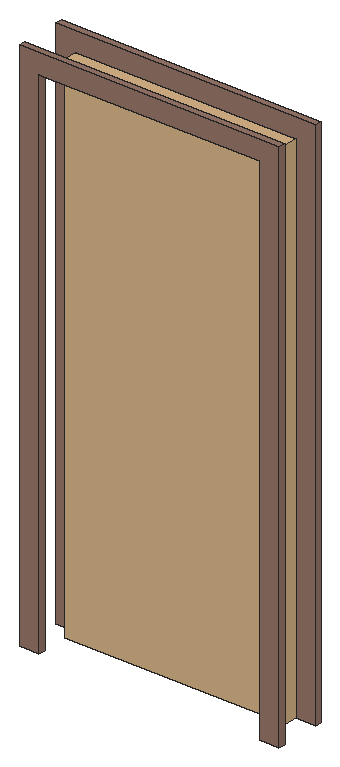
Revit family "aa741dfee96148cd962f9e81b9ba9d05", category Doors, host Wall, Revit 2025
Family settings
  Host = Wall
  OmniClass Number = 23.30.10.00
  OmniClass Title = Doors
  Always vertical = Yes
  Cut with Voids When Loaded = No
  Shared = No
  Room Calculation Point = No
Parameters (values of type "34" x 80"")
  Visual Light Transmittance = 0
  Thickness = 0' - 2"
  Thermal Resistance (R) = 2.5876 (h·ft²·°F)/BTU
  Swing Angle [instance] = 90.00°
  Solar Heat Gain Coefficient = 0
  Define Thermal Properties by = Schematic Type
  Construction Type Id = "DOOR"
  Heat Transfer Coefficient (U) = 0.3865 BTU/(h·ft²·°F)
  Function = Interior
  Assembly Code = "C1020300"
  Panel Material = Wood - Birch - Solid Stained Light Low Gloss
  Trim Material = Paint - Sienna
  Height = 6' - 8"
  Trim Projection Ext = 0' - 1"
  Trim Projection Int = 0' - 1"
  Trim Width = 0' - 3"
  Wall Closure = By host
  Width = 2' - 10"
  Analytic Construction = "Wooden"
Reference planes (in)
  plane 1 "Center(Front/Back)": y = 0
  plane 2: z = 0
  plane 3 "Center (Left/Right)": x = 0
  plane 4 "Left": x = -17
  plane 5 "Right": x = 17
  plane 6 "Top": z = 80
  plane 7: y = 3
Forms (in)
  Extrusion 1, solid, material "Wood - Birch - Solid Stained Light Low Gloss" <- "Panel Material"
    sketch origin (0, 0, 0) x (1, 0, 0) y (0, 0, 1)
      loop
        line (-17, 80) -> (-17, 0) -> (17, 0) -> (17, 80) -> (-17, 80)
    from -3 to -1
  Extrusion 2, solid, material "Paint - Sienna" <- "Trim Material", detail levels fine
    sketch origin (-60, -3, 0) x (1, 0, 0) y (0, 0, 1)
      loop
        line (40, 83) -> (40, 0) -> (43, 0) -> (43, 80) -> (77, 80) -> (77, 0) -> (80, 0) -> (80, 83) -> (40, 83)
    from 0 to 1
  Extrusion 3, solid, material "Paint - Sienna" <- "Trim Material", detail levels fine
    sketch origin (-60, 3, 0) x (-1, 0, 0) y (0, 0, 1)
      loop
        line (-80, 83) -> (-80, 0) -> (-77, 0) -> (-77, 80) -> (-43, 80) -> (-43, 0) -> (-40, 0) -> (-40, 83) -> (-80, 83)
    from 0 to 1
Lines and regions (in)
  Opening 1
    outline origin (-60, -3, 144) x (0, 0, -1) y (1, 0, 0)
      loop
        line (64, 43) -> (144, 43) -> (144, 77) -> (64, 77) -> (64, 43)
  symbolic lines, style "Elevation Swing"
    curve 1: line (-17, 0, 80) -> (17, 0, 40)
    curve 2: line (-17, 0, 0) -> (17, 0, 40)
Dimensions and locks (in)
  equal spacing: plane 4 "Left", plane 3 "Center (Left/Right)", plane 5 "Right"
  "Width": plane 4 "Left" to plane 5 "Right"
  "Height": plane 6 "Top" to plane 2
  "Trim Projection Ext": Extrusion 3 to host wall
  "Trim Projection Int": Extrusion 2 to host wall
  "Thickness": Extrusion 1 to host wall
  equal spacing: plane 6 "Top", curve 2, level
  aligned and locked: host wall to Extrusion 1
  aligned and locked: Extrusion 2 to Extrusion 3 sketch curve
  aligned and locked: Extrusion 3 sketch curve to Extrusion 2  (x2)
  aligned and locked: plane 7 to host wall
  aligned and locked: plane 7 to Extrusion 1
  aligned and locked: nested 1 to plane 7
  aligned and locked: nested 1 to plane 5 "Right"
Automatic sketch dimensions
  Opening 1 sketch curve to plane 6 "Top" = 0' - 0"
  Opening 1 sketch curve to level = 0' - 0"
  Opening 1 sketch curve to plane 4 "Left" = 0' - 0"
  Opening 1 sketch curve to plane 5 "Right" = 0' - 0"
  Extrusion 1 sketch curve to plane 4 "Left" = 0' - 0"
  Extrusion 1 sketch curve to plane 5 "Right" = 0' - 0"
  Extrusion 1 sketch curve to level = 0' - 0"
  Extrusion 1 sketch curve to plane 6 "Top" = 0' - 0"
  Extrusion 2 sketch curve to level = 0' - 0"  (x2)
  Extrusion 2 sketch curve to plane 4 "Left" = 0' - 0"
  Extrusion 2 sketch curve to plane 5 "Right" = 0' - 0"
  Extrusion 2 sketch curve to plane 6 "Top" = 0' - 0"
  Extrusion 3 sketch curve to level = 0' - 0"  (x2)
  Extrusion 3 sketch curve to plane 5 "Right" = 0' - 0"
  Extrusion 3 sketch curve to plane 4 "Left" = 0' - 0"
  Extrusion 3 sketch curve to plane 6 "Top" = 0' - 0"
  curve 1 to plane 4 "Left" = 0' - 0"
  curve 1 to plane 6 "Top" = 0' - 0"
  curve 2 to plane 5 "Right" = 0' - 0"
  curve 2 to level = 0' - 0"
  curve 2 to plane 4 "Left" = 0' - 0"
  plane 4 "Left" to Extrusion 2 sketch curve = 0' - 3"
  Extrusion 2 sketch curve to Extrusion 2 sketch curve = 0' - 3"
  Extrusion 2 sketch curve to plane 6 "Top" = 0' - 3"
Nested families (in)
  nested 1: "Door Swing-Single" at (17, 3, 0), Swing Angle <- "Swing Angle", type "Single"
    with Swing Visible yes, Swing Angle 90.00°, Actual Angle 90.00°
Definition of nested family "Door Swing-Single"
  Parameters
    Width = 3' - 0"
    Thickness = 0' - 1 3/4"
    Swing Visible [instance] = Swing Angle > 1.00°  # yes
    Swing Angle [instance] = 45.00°
    Assembly Code = ""
    Analytic Construction = "<None>"
    Actual Angle [instance] = if(Swing Angle < 1.00°, 1.00°, Swing Angle)  # 45.00°
  Reference planes (in)
    plane 1 "Center (Front/Back)": y = 0
    plane 2: z = 0
    plane 3 "Center (Left/Right)": x = 0
    plane 4: x = -36
  Lines and regions (in)
    Masking region 1
      outline origin (0, 0, 0) x (-0.707107, 0.707107, 0) y (-0.707107, -0.707107, 0)
        loop
          line (0, 0) -> (36, 0) -> (36, 1.75) -> (0, 1.75) -> (0, 0)
    symbolic lines
      curve 1: line (0, 0, 0) -> (-36, 0, 0)
    symbolic lines, visible <- "Swing Visible"
      curve 2: arc (-36, 0, 0) -> (-33.25966, 13.7766, 0) -> (-25.45584, 25.45584, 0) r 36
    reference lines
      curve 3: line (0, 0, 0) -> (-25.45584, 25.45584, 0)
    model lines
      curve 4: line (0, 0, 0) -> (0, 0, 1)
  Dimensions and locks (in)
    "Width": plane 4 to plane 3 "Center (Left/Right)"
    locked: curve 2 to plane 3 "Center (Left/Right)"
    locked: curve 2 to plane 1 "Center (Front/Back)"
    "Width": curve 3 to curve 3
    "Thickness": Masking region 1 sketch curve to Masking region 1 sketch curve
    locked: curve 4 to plane 2 at 1
    "Width": radius of curve 2
    "Actual Angle": angle curve 2 to curve 2
    "Swing Angle": angle curve 3 to plane 1 "Center (Front/Back)"
    aligned and locked: curve 1 to plane 1 "Center (Front/Back)"
    aligned and locked: plane 3 "Center (Left/Right)" to curve 1
    aligned and locked: plane 3 "Center (Left/Right)" to curve 3
    aligned and locked: plane 1 "Center (Front/Back)" to curve 3
    aligned and locked: curve 3 to Masking region 1 sketch curve
    aligned and locked: Masking region 1 sketch curve to curve 3  (x2)
    aligned and locked: plane 3 "Center (Left/Right)" to curve 4
    aligned and locked: plane 2 to curve 4
